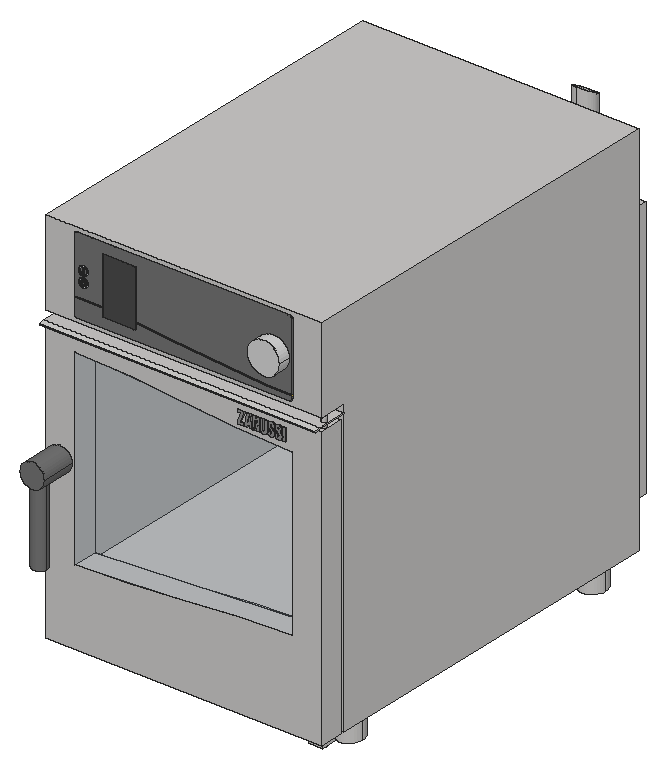
Revit family "QF_ZANUSSI_240010_ZCD061WD", category Specialty Equipment, Revit 2023
Family settings
  Round Connector Dimension = Use Diameter
  Part Type = Normal
  Work Plane-Based = No
  Enable Cutting in Views = No
  Always vertical = Yes
  Cut with Voids When Loaded = No
  Maintain Annotation Orientation = No
  Shared = Yes
  Room Calculation Point = No
Parameters (values of type "268252_ELECTR. COMBI OVEN 10 GN1/1 B LW-400V MAR")
  Weight = 85.00 lbm
  Watts = 0 W
  Volts = 400 V
  URL Manufacturer = "http://www.zanussiprofessional.com"
  URL = "http://www.zanussiprofessional.com"
  Steam Supply Size = 0"
  Steam Supply Minimum Pressure = 0.00 psi
  Steam Supply Maximum Pressure = 0.00 psi
  Steam Pounds per Hour = 0
  Show Logo [instance] = yes
  Refrigeration Suction Line Size = 0"
  Refrigeration Liquid Line Size = 0"
  Refrigerant Compressor Remote = yes
  Phase = 3
  Model = "ZCD061WR"
  Manufacturer = "Zanussi"
  Length Actual = 519.00 mm
  Item Number = "240010"
  Hot Water Size = 3/4"
  Height Actual = 770.00 mm
  HP = "9.3 HP"
  Gas Size = 0"
  Gas KW = 0
  Gas Input Pressure = 0.0 Btu/h
  Direct Waste Size = 1.5748"
  Description = "COMPACT 6GN1/1 EL. DIGITAL OVEN - W CLEANING - RIGHT HINGED DOOR"
  Show Clearance [instance] = yes
  Depth Actual = 803.00 mm
  Default Elevation = 0.00 mm
  Cycle = 50 Hz
  Condensate Return Size = 0"
  Compressed Air Volume = 0 GPM
  Compressed Air Size = 0"
  Compressed Air Pressure = 0.00 psi
  Cold Water Size = 3/4"
  Assembly Code = ""
  Accessory = no
Reference planes
  plane 1 "BACK": y = -93.694
  plane 2: z = 0
  plane 3 "LEFT": x = 197.931
  plane 4 "RIGHT": x = 717.531
  plane 5 "FRONT": y = -896.694
  plane 6 "TOP": z = 1670
  plane 7: z = 900
  plane 8: x = 457.731
  plane 9: y = -495.194
  plane 10: x = 247.731
  plane 11: x = 667.731
  plane 12: y = -195.694
  plane 13: y = -768.694
  plane 14: z = 997.5
Forms (mm)
  Extrusion 1, solid, material "QF_Finishes_Stainless Steel"
    sketch origin (992.981, 325.437, 900) x (-1, 0, 0) y (0, 0, -1)
      loop
        line (795.05, -609.932) -> (795.05, -56) -> (275.45, -56) -> (275.45, -609.932) -> (795.05, -609.932)
    from 474.534 to 1169.9
  Extrusion 2, solid, material "QF_Finishes_Stainless Steel"
    sketch origin (992.981, 325.437, 1000) x (-1, 0, 0) y (0, 0, -1)
      loop
        line (795.05, -670) -> (795.05, -510) -> (275.45, -510) -> (275.45, -670) -> (795.05, -670)
    from 474.534 to 1222.131
  Extrusion 3, solid, material "QF_Finishes_Stainless Steel"
    sketch origin (992.981, 385.437, 900) x (-1, 0, 0) y (0, 0, -1)
      loop
        line (763.47, -610) -> (763.47, -117) -> (307.03, -117) -> (307.03, -610) -> (763.47, -610)
    from 479.131 to 534.534
  Extrusion 4, void
    sketch origin (992.981, -844.463, 900) x (1, 0, 0) y (0, 0, -1)
      loop
        line (-755.05, -176.885) -> (-755.05, -577.763) -> (-315.45, -577.763) -> (-315.45, -176.885) -> (-755.05, -176.885)
    from 0 to 630
  Extrusion 5, solid, material "QF_Finishes_Stainless Steel"
    sketch origin (992.981, -149.096, 900) x (1, 0, 0) y (0, 0, -1)
      loop
        circle (-755.05, -649) r 14.886
    from 0 to 29
  Revolve 6, solid, material "QF_Finishes_Stainless Steel"
    sketch origin (593.311, -76.243, 1219.2) x (0, 1, 0) y (0, 0, 1)
      loop
        line (-64.458, 299.515) -> (-69.467, 299.515) -> (-69.467, 296.517) -> (-65.763, 296.517) -> (-69.294, 290.8) -> (-44.475, 290.8) -> (-44.475, 299.515) -> (-61.458, 299.515) -> (-61.458, 472.713) -> (-64.458, 472.713) -> (-64.458, 299.515)
      axis (-44.475, 290.8) -> (-44.475, 472.713)
    angle from 0 to 360
  Extrusion 7, void
    sketch origin (593.311, -76.243, 1219.2) x (0, -1, 0) y (0, 0, 1)
      loop
        line (64.458, 472.713) -> (24.492, 472.713) -> (24.492, 449.608) -> (64.458, 472.713)
    from -26.679 to 26.627
  Extrusion 8, solid, material "QF_Finishes_Stainless Steel"
    sketch origin (992.981, -149.096, 900) x (1, 0, 0) y (0, 0, -1)
      loop
        line (-298.761, -696.707) -> (-298.761, -620.937) -> (-503.318, -620.937) -> (-503.318, -696.707) -> (-298.761, -696.707)
    from 0 to 12.487
  Extrusion 9, solid, material "QF_Finishes_Stainless Steel"
    sketch origin (229.511, 385.437, 1017) x (0, -1, 0) y (-1, 0, 0)
      loop
        circle (500.131, -268.42) r 15
    from 0 to 19.537
  Extrusion 10, solid, material "QF_Finishes_Stainless Steel"
    sketch origin (-77.519, 285.437, 900) x (1, 0, 0) y (0, 0, 1)
      loop
        line (795.05, 585) -> (275.45, 585) -> (275.45, 56) -> (795.05, 56) -> (795.05, 585)
      loop
        line (740.697, 221.885) -> (740.697, 532.84)
        spline (740.697, 532.84) -> (706.434, 533.352) -> (672.172, 534.72) -> (637.91, 536.775) -> (603.649, 539.343) -> (569.387, 542.254) -> (535.127, 545.336) -> (500.866, 548.418) -> (466.604, 551.329) -> (432.343, 553.897) -> (398.081, 555.951) -> (363.819, 557.32) -> (329.556, 557.832)
        line (329.556, 557.832) -> (329.556, 196.893)
        spline (329.556, 196.893) -> (363.819, 197.405) -> (398.081, 198.774) -> (432.343, 200.828) -> (466.604, 203.396) -> (500.866, 206.307) -> (535.127, 209.389) -> (569.387, 212.471) -> (603.649, 215.382) -> (637.91, 217.95) -> (672.172, 220.004) -> (706.434, 221.373) -> (740.697, 221.885)
    from 1135.685 to 1182.131
  Extrusion 11, solid, material "QF_Finishes_Stainless Steel"
    sketch origin (717.531, 0, 0) x (0, 1, 0) y (0, 0, -1)
      loop
        line (-844.463, -1493.212) -> (-901.466, -1493.212) -> (-910.849, -1489.825) -> (-911.508, -1491.664) -> (-901.849, -1495.222) -> (-844.463, -1495.222) -> (-844.463, -1493.212)
    from 0 to 519.16
  Extrusion 12, solid, material "QF_Finishes_Glass"
    sketch origin (-105.148, 285.437, 947.855) x (1, 0, 0) y (0, 0, 1)
      loop
        line (768.326, 174.03) -> (768.326, 484.984)
        spline (768.326, 484.984) -> (734.063, 485.496) -> (699.801, 486.865) -> (665.539, 488.919) -> (631.278, 491.487) -> (597.017, 494.398) -> (562.756, 497.48) -> (528.495, 500.563) -> (494.234, 503.474) -> (459.972, 506.042) -> (425.711, 508.096) -> (391.448, 509.465) -> (357.185, 509.977)
        line (357.185, 509.977) -> (357.185, 149.038)
        spline (357.185, 149.038) -> (391.448, 149.55) -> (425.711, 150.918) -> (459.972, 152.972) -> (494.234, 155.541) -> (528.495, 158.451) -> (562.756, 161.534) -> (597.017, 164.616) -> (631.278, 167.527) -> (665.539, 170.095) -> (699.801, 172.149) -> (734.063, 173.518) -> (768.326, 174.03)
    from 1135.685 to 1182.131
  Extrusion 13, solid, material "QF_Door-Drawer Clearances", visible <- "Show Clearance", detail levels coarse
    sketch origin (915.462, 0, 0) x (-1, 0, 0) y (0, -1, 0)
      loop
        arc (717.531, 896.694) -> (542.616, 1219.99) -> (197.931, 1347.694) r 521.696
        line (197.931, 1347.694) -> (197.931, 896.694) -> (717.531, 896.694)
    from 956 to 1485
  Extrusion 14, solid, material "QF_Finishes_Rubber Black"
    sketch origin (-77.519, -896.694, 900) x (1, 0, 0) y (0, 0, 1)
      loop
        circle (301.755, 366.761) r 22.998
    from 0 to 65
  Extrusion 15, solid, material "QF_Finishes_Rubber Black"
    sketch origin (915.462, 0, 0) x (-1, 0, 0) y (0, -1, 0)
      loop
        circle (691.226, 944.148) r 14
    from 1105.756 to 1264.985
  Extrusion 16, solid, material "QF_Finishes_Stainless Steel"
    sketch origin (717.311, 325.437, 956) x (0, 1, 0) y (1, 0, 0)
      loop
        line (-1113.369, -77.066) -> (-1113.369, -69.925)
        arc (-1113.369, -69.925) -> (-1122.131, -49.58) -> (-1113.369, -29.235) r 28
        line (-1113.369, -29.235) -> (-1113.369, -17.065) -> (-1172.348, -17.065) -> (-1188.327, -1.085) -> (-1218.346, -1.085) -> (-1218.346, -26.095) -> (-1167.374, -77.066) -> (-1113.369, -77.066)
      loop
        circle (-1206.361, -8.07) r 5
    from 3.018 to 7.039
  Extrusion 17, solid, material "QF_Finishes_Stainless Steel"
    sketch origin (717.311, 325.437, 952.982) x (0, 1, 0) y (-1, 0, 0)
      loop
        line (-1113.369, 17.065) -> (-1113.369, 29.235)
        arc (-1113.369, 29.235) -> (-1122.131, 49.58) -> (-1113.369, 69.925) r 28
        line (-1113.369, 69.925) -> (-1113.369, 77.066) -> (-1153.603, 77.066) -> (-1153.603, 17.065) -> (-1113.369, 17.065)
    from 0 to 3.018
  Extrusion 18, solid, material "QF_Finishes_Stainless Steel"
    sketch origin (717.311, 325.437, 948.961) x (-1, 0, 0) y (0, 1, 0)
      loop
        circle (8.07, -1206.361) r 5
    from 2.998 to -7.02
  Extrusion 19, solid, material "QF_Finishes_Stainless Steel"
    sketch origin (717.311, 325.437, 948.961) x (-1, 0, 0) y (0, 1, 0)
      loop
        circle (8.07, -1206.361) r 5
    from -536.039 to -554.057
  Extrusion 20, solid, material "QF_Finishes_Handrails and Railings"
    sketch origin (985.537, -896.694, 996.743) x (-1, 0, 0) y (0, 0, -1)
      loop
        circle (358.271, -592.209) r 30
    from 1 to 23.539
Cuts and joins
  Extrusion 4 cuts Extrusion 1
  Extrusion 4 cuts Extrusion 2
  Extrusion 4 cuts Extrusion 3
  Extrusion 7 cuts Revolve 6
  joined: Extrusion 1, Extrusion 2, Extrusion 3, Extrusion 5, Revolve 6, Extrusion 8, Extrusion 9
Lines and regions (mm)
  Split face 1
    outline origin (-77.519, -896.694, 900) x (1, 0, 0) y (0, 0, 1)
      loop
        spline (329.556, 557.832) -> (363.819, 557.32) -> (398.081, 555.951) -> (432.343, 553.897) -> (466.604, 551.329) -> (500.866, 548.418) -> (535.127, 545.336) -> (569.387, 542.254) -> (603.649, 539.343) -> (637.91, 536.775) -> (672.172, 534.72) -> (706.434, 533.352) -> (740.697, 532.84)
        line (740.697, 532.84) -> (740.697, 577.832) -> (329.556, 577.832) -> (329.556, 557.832)
  Split face 2
    outline origin (-77.519, -896.694, 900) x (1, 0, 0) y (0, 0, 1)
      loop
        line (740.697, 201.885) -> (740.697, 221.885)
        spline (740.697, 221.885) -> (706.434, 221.373) -> (672.172, 220.004) -> (637.91, 217.95) -> (603.649, 215.382) -> (569.387, 212.471) -> (535.127, 209.389) -> (500.866, 206.307) -> (466.604, 203.396) -> (432.343, 200.828) -> (398.081, 198.774) -> (363.819, 197.405) -> (329.556, 196.893)
        line (329.556, 196.893) -> (329.556, 176.893)
        spline (329.556, 176.893) -> (363.819, 177.405) -> (398.081, 178.774) -> (432.343, 180.828) -> (466.604, 183.396) -> (500.866, 186.307) -> (535.127, 189.389) -> (569.387, 192.471) -> (603.649, 195.382) -> (637.91, 197.95) -> (672.172, 200.004) -> (706.434, 201.373) -> (740.697, 201.885)
  symbolic lines
    curve 1: line (197.931, -149.096, 0) -> (717.531, -149.096, 0)
    curve 2: line (197.931, -896.694, 0) -> (197.931, -149.096, 0)
    curve 3: line (717.531, -149.096, 0) -> (717.531, -896.694, 0)
    curve 4: line (223.045, -120.096, 0) -> (252.817, -120.096, 0)
    curve 5: line (223.045, -149.096, 0) -> (223.045, -120.096, 0)
    curve 6: line (252.817, -120.096, 0) -> (252.817, -149.096, 0)
    curve 7: line (229.511, -93.694, 0) -> (229.511, -120.096, 0)
    curve 8: line (229.511, -93.694, 0) -> (685.951, -93.694, 0)
    curve 9: line (685.951, -93.694, 0) -> (685.951, -136.609, 0)
    curve 10: line (694.22, -136.609, 0) -> (694.22, -149.096, 0)
    curve 11: line (694.22, -136.609, 0) -> (605.647, -136.609, 0)
    curve 12: line (581.195, -136.609, 0) -> (489.443, -136.609, 0)
    curve 13: line (489.443, -136.609, 0) -> (489.443, -149.096, 0)
    curve 14: arc (574.022, -136.609, 0) -> (593.311, -95.726, 0) -> (612.6, -136.609, 0) r 24.992
    curve 15: circle (593.311, -120.718, 0) r 19.983 normal (0, 0, -1)
    curve 16: circle (593.311, -120.718, 0) r 16.983 normal (0, 0, -1)
    curve 17: line (197.931, -896.694, 0) -> (717.531, -896.694, 0)
    curve 21: line (247.235, -961.694, 0) -> (201.238, -961.694, 0)
    curve 22: line (247.235, -896.694, 0) -> (247.235, -961.694, 0)
    curve 23: line (201.238, -961.694, 0) -> (201.238, -896.694, 0)
    curve 25: line (597.266, -920.232, 0) -> (657.266, -920.232, 0)
    curve 26: line (597.266, -896.694, 0) -> (597.266, -920.232, 0)
    curve 27: line (657.266, -920.232, 0) -> (657.266, -896.694, 0)
  symbolic lines, style "QF_Door Swings", visible <- "Show Clearance", detail levels coarse
    curve 18: line (717.531, -896.694, 0) -> (717.531, -1347.694, 0)
    curve 19: arc (717.531, -1347.694, 0) -> (398.732, -1240.915, 0) -> (211.461, -961.694, 0) r 521.192
    curve 20: line (682.531, -896.694, 0) -> (682.531, -1346.7, 0)
  symbolic lines, style "QF_Door Swings"
    curve 24: arc (201.238, -917.797, 0) -> (199.477, -907.262, 0) -> (197.931, -896.694, 0) r 521.628
Dimensions and locks
  plane 3 "LEFT" to plane 4 "RIGHT" = 519.60 mm
  plane 5 "FRONT" to plane 1 "BACK" = 803.00 mm
  plane 4 "RIGHT" to plane 3 "LEFT" = 519.60 mm
  equal spacing: plane 3 "LEFT", plane 8, plane 4 "RIGHT"
  equal spacing: plane 5 "FRONT", plane 9, plane 1 "BACK"
  locked: plane 10 to plane 3 "LEFT" at 49.8
  locked: plane 4 "RIGHT" to plane 11 at 49.8
  plane 1 "BACK" to plane 12 to plane 13 = 102.00 mm locked, 573.00 mm locked
  Extrusion 5 sketch curve to plane 3 "LEFT" = 40.00 mm
  Extrusion 5 sketch curve to plane 7 = 649.00 mm
  plane 3 "LEFT" to Extrusion 9 sketch curve = 300.00 mm
  Extrusion 9 sketch curve to plane 1 "BACK" = 21.00 mm
  aligned and locked: level to plane 2
  aligned and locked: Extrusion 1 to plane 3 "LEFT"
  aligned and locked: plane 4 "RIGHT" to Extrusion 1
  aligned and locked: plane 10 to nested 2
  aligned and locked: plane 11 to nested 1
  aligned and locked: plane 12 to nested 2
  aligned and locked: plane 12 to nested 1
  aligned and locked: plane 7 to nested 2  (x3)
  aligned and locked: plane 7 to nested 1  (x2)
Automatic sketch dimensions
  Extrusion 3 sketch curve to plane 11 = 18.22 mm
  plane 10 to Extrusion 3 sketch curve = 18.22 mm
  Extrusion 3 sketch curve to plane 14 = 19.50 mm
  plane 6 "TOP" to Extrusion 3 sketch curve = 160.00 mm
  Revolve 6 sketch curve to plane 12 = 49.984 mm
  Revolve 6 sketch curve to Revolve 6 sketch curve = 0.173 mm
  Revolve 6 sketch curve to Revolve 6 sketch curve = 3.704 mm
  plane 6 "TOP" to Revolve 6 sketch curve = 21.913 mm
  plane 1 "BACK" to Revolve 6 sketch curve = 47.007 mm
  Revolve 6 sketch curve to Revolve 6 sketch curve = 3.00 mm
  Revolve 6 sketch curve to Revolve 6 sketch curve = 16.983 mm
  Revolve 6 sketch curve to plane 6 "TOP" = 151.285 mm
  Revolve 6 sketch curve to Revolve 6 sketch curve = 0.00 mm  (x3)
  Revolve 6 sketch curve to Revolve 6 sketch curve = 2.998 mm
  Revolve 6 sketch curve to Revolve 6 sketch curve = 8.715 mm
  Revolve 6 sketch curve to Revolve 6 sketch curve = 25.00 mm
  Extrusion 7 sketch curve to plane 6 "TOP" = 1.192 mm
  plane 1 "BACK" to Extrusion 7 sketch curve = 7.041 mm
  Extrusion 7 sketch curve to Extrusion 7 sketch curve = 39.966 mm
  plane 6 "TOP" to Extrusion 7 sketch curve = 21.913 mm
  plane 5 "FRONT" to Extrusion 11 sketch curve = 14.815 mm
  Extrusion 11 sketch curve to Extrusion 11 sketch curve = 0.659 mm
  plane 5 "FRONT" to Extrusion 11 sketch curve = 5.155 mm
  Extrusion 11 sketch curve to Extrusion 11 sketch curve = 0.383 mm
  Extrusion 11 sketch curve to plane 5 "FRONT" = 52.231 mm
  Extrusion 11 sketch curve to plane 6 "TOP" = 174.778 mm
  Extrusion 11 sketch curve to Extrusion 11 sketch curve = 2.011 mm
  Extrusion 11 sketch curve to Extrusion 11 sketch curve = 1.548 mm
  Extrusion 11 sketch curve to Extrusion 11 sketch curve = 1.838 mm
  plane 10 to Extrusion 12 sketch curve = 4.306 mm
  Extrusion 12 sketch curve to plane 11 = 4.553 mm
  plane 14 to Extrusion 12 sketch curve = 99.393 mm
  plane 14 to Extrusion 12 sketch curve = 124.385 mm
  Extrusion 12 sketch curve to plane 6 "TOP" = 237.16 mm
  Extrusion 12 sketch curve to plane 6 "TOP" = 212.168 mm
  Extrusion 14 sketch curve to plane 10 = 23.495 mm
  plane 14 to Extrusion 14 sketch curve = 269.261 mm
  Extrusion 15 sketch curve to plane 10 = 23.495 mm
  plane 5 "FRONT" to Extrusion 15 sketch curve = 47.454 mm
  Extrusion 20 sketch curve to plane 11 = 40.465 mm
  Extrusion 20 sketch curve to plane 6 "TOP" = 81.048 mm
  curve 14 to curve 15 = 0.00 mm  (x2)
  curve 14 to curve 16 = 0.00 mm  (x2)
  curve 15 to curve 16 = 0.00 mm  (x2)
  curve 19 to curve 24 = 0.00 mm  (x2)
  curve 24 to plane 3 "LEFT" = 0.00 mm
  plane 5 "FRONT" to curve 23 = 0.00 mm
  plane 1 "BACK" to curve 8 = 0.00 mm
  curve 19 to plane 4 "RIGHT" = 0.00 mm
  plane 3 "LEFT" to curve 21 = 3.307 mm
  curve 4 to plane 10 = 24.686 mm
  curve 8 to plane 10 = 18.22 mm
  curve 21 to plane 10 = 0.496 mm
  plane 10 to curve 6 = 5.086 mm
  plane 8 to curve 12 = 31.712 mm
  plane 1 "BACK" to curve 16 = 27.024 mm
  curve 16 to plane 11 = 74.42 mm
  plane 5 "FRONT" to curve 25 = 23.539 mm
  curve 25 to plane 11 = 70.465 mm
  curve 25 to plane 11 = 10.465 mm
  plane 11 to curve 9 = 18.22 mm
  curve 9 to curve 10 = 8.269 mm
  curve 19 to plane 4 "RIGHT" = 2.716 mm
  curve 21 to curve 22 = 65.00 mm
  curve 18 to curve 25 = 427.461 mm
  plane 13 to curve 19 = 57.816 mm
  curve 1 to plane 12 = 46.598 mm
  curve 10 to curve 10 = 12.487 mm
  curve 13 to curve 13 = 12.487 mm
  plane 1 "BACK" to curve 4 = 26.402 mm
  curve 14 to curve 14 = 19.289 mm
  curve 14 to curve 12 = 7.173 mm
  curve 11 to curve 14 = 6.953 mm
  plane 11 to curve 20 = 14.80 mm
  Extrusion 1 sketch curve to plane 4 "RIGHT" = 0.00 mm
  Extrusion 1 sketch curve to plane 3 "LEFT" = 0.00 mm
  plane 14 to Extrusion 1 sketch curve = 41.50 mm
  plane 6 "TOP" to Extrusion 1 sketch curve = 160.068 mm
  Extrusion 2 sketch curve to plane 4 "RIGHT" = 0.00 mm
  Extrusion 2 sketch curve to plane 3 "LEFT" = 0.00 mm
  Extrusion 2 sketch curve to plane 6 "TOP" = 0.00 mm
  plane 6 "TOP" to Extrusion 2 sketch curve = 160.00 mm
  Extrusion 4 sketch curve to Extrusion 1 = 40.00 mm  (x2)
  Extrusion 4 sketch curve to Extrusion 1 = 120.885 mm
  Extrusion 4 sketch curve to Extrusion 1 = 32.168 mm
  Extrusion 8 sketch curve to Extrusion 1 = 86.775 mm
  Extrusion 1 to Extrusion 8 sketch curve = 227.868 mm
  Extrusion 8 sketch curve to Extrusion 1 = 11.006 mm
  Extrusion 1 to Extrusion 8 sketch curve = 23.311 mm
  Extrusion 10 sketch curve to plane 3 "LEFT" = 0.00 mm
  Extrusion 10 sketch curve to plane 4 "RIGHT" = 0.00 mm
  plane 10 to Extrusion 10 sketch curve = 4.306 mm
  Extrusion 10 sketch curve to plane 11 = 4.553 mm
  Extrusion 10 sketch curve to plane 14 = 41.50 mm
  plane 14 to Extrusion 10 sketch curve = 99.393 mm
  plane 14 to Extrusion 10 sketch curve = 124.385 mm
  Extrusion 10 sketch curve to plane 6 "TOP" = 237.16 mm
  Extrusion 10 sketch curve to plane 6 "TOP" = 212.168 mm
  Extrusion 10 sketch curve to Extrusion 10 sketch curve = 52.16 mm
  Extrusion 13 sketch curve to plane 4 "RIGHT" = 0.00 mm
  Extrusion 13 sketch curve to plane 3 "LEFT" = 0.00 mm
  plane 5 "FRONT" to Extrusion 13 sketch curve = 0.00 mm
  plane 4 "RIGHT" to Extrusion 13 sketch curve = 2.716 mm
  Extrusion 13 sketch curve to plane 5 "FRONT" = 451.00 mm
  Split face 1 sketch curve to Extrusion 10 = 0.00 mm  (x2)
  Split face 1 sketch curve to Extrusion 10 = 52.16 mm
  Split face 1 sketch curve to Extrusion 10 = 27.168 mm
  Split face 1 sketch curve to Extrusion 10 = 7.168 mm
  Extrusion 10 to Split face 2 sketch curve = 0.00 mm  (x2)
  Split face 2 sketch curve to Extrusion 10 = 120.893 mm
  Split face 2 sketch curve to Split face 2 sketch curve = 20.00 mm  (x2)
  Split face 2 sketch curve to Extrusion 10 = 145.885 mm
  Extrusion 16 sketch curve to plane 11 = 0.00 mm
  plane 13 to Extrusion 16 sketch curve = 0.00 mm
  plane 13 to Extrusion 16 sketch curve = 19.238 mm  (x2)
  Extrusion 16 sketch curve to Extrusion 16 sketch curve = 54.005 mm
  Extrusion 16 sketch curve to plane 4 "RIGHT" = 17.285 mm
  Extrusion 16 sketch curve to plane 5 "FRONT" = 49.783 mm
  Extrusion 16 sketch curve to plane 4 "RIGHT" = 1.305 mm
  Extrusion 16 sketch curve to Extrusion 16 sketch curve = 15.979 mm
  Extrusion 16 sketch curve to plane 5 "FRONT" = 15.77 mm
  Extrusion 16 sketch curve to plane 5 "FRONT" = 3.785 mm
  Extrusion 16 sketch curve to plane 4 "RIGHT" = 8.29 mm
  Extrusion 16 sketch curve to Extrusion 16 sketch curve = 18.025 mm
  Extrusion 16 sketch curve to Extrusion 16 sketch curve = 12.171 mm
  Extrusion 16 sketch curve to Extrusion 16 sketch curve = 7.142 mm
  Extrusion 17 sketch curve to Extrusion 16 = 0.00 mm  (x4)
  Extrusion 17 sketch curve to Extrusion 16 = 40.234 mm
  radius of Extrusion 14 sketch curve = 22.998 mm
  radius of Extrusion 15 sketch curve = 14.00 mm
  radius of Extrusion 20 sketch curve = 30.00 mm
  radius of curve 16 = 16.983 mm
  radius of Extrusion 5 sketch curve = 14.886 mm
  radius of Extrusion 9 sketch curve = 15.00 mm
  radius of Extrusion 16 sketch curve = 5.00 mm
  radius of Extrusion 17 sketch curve to Extrusion 16 = 0.00 mm
  radius of Extrusion 18 sketch curve to Extrusion 16 = 0.00 mm
  radius of Extrusion 19 sketch curve to Extrusion 16 = 0.00 mm
Nested families
  nested 1: "Foot_Ø50" at (667.731, -195.694, 900), type "Foot_Ø50"
    with H 56.00 mm
  nested 2: "Foot_Ø50" at (247.731, -195.694, 900), type "Foot_Ø50"
    with H 56.00 mm
  nested 3: "ZAN_Logo_S_Grey" at (605.466, -896.694, 1457.422) x (1, 0, 0) z (0, -1, 0), visible <- "Show Logo", type "ZAN_Logo_S_Grey"
  nested 4: "MULTISLIM_PANEL_ZAN" at (376.201, -896.694, 1871.515) x (1, 0, 0) z (0, -1, 0), type "MULTISLIM_PANEL_ZAN"
    with Show Clearance yes
  nested 5: "Foot_Ø50" at (667.731, -768.694, 900) x (-1, 0, 0) z (0, 0, 1), type "Foot_Ø50"
    with H 56.00 mm
  nested 6: "Foot_Ø50" at (247.731, -768.694, 900) x (-1, 0, 0) z (0, 0, 1), type "Foot_Ø50"
    with H 56.00 mm
Connectors
  electrical at (237.931, -120.096, 1549), driven by "Volts"
    settings: on cut or joined group 1 (Extrusion 1, Extrusion 2, Extrusion 3, Extrusion 4, Extrusion 5, Revolve 6, Extrusion 7, Extrusion 8, Extrusion 9), index 1, voltage 400 V, apparent load 0 VA, apparent load phase1 0 VA, apparent load phase2 0 VA, apparent load phase3 0 VA, power factor 1, load classification "Altro", number of poles 1, system type 30, power factor state 1, is connector primary yes, connector utility no, sub classification motor no, connector description "Electrical Connection"
  piping at (497.931, -114.694, 997.463), diameter 30
    settings: on cut or joined group 1, index 2, connector inside diameter 24", connector length 0.00 mm, flow factor 0, pipe flow 0 GPM, pressure drop 0.00 psi, fitting loss kfactor 0, connector angle 0.00°, fixture units 0, engagement length 0.00 mm, angle of deflection 0.00°, flow configuration 1, flow direction 1, fitting loss method 0, system type 20, joint type 0, gender type 0, connector reference index -1, connector utility 0, adjustable connector no, is connector primary yes, connector description "Cold Water Inlet"
Definition of nested family "Foot_Ø50"
  Parameters
    H [instance] = 50.00 mm
    Default Elevation = 0.00 mm
  Reference planes
    plane 1 "Centro (Fronte/Retro)": y = 0
    plane 2: z = 0
    plane 3 "Centro (Sinistra/Destra)": x = 0
    plane 4: z = 50
  Forms (mm)
    Revolve 1, solid
      sketch origin (255.05, 0, 608.09) x (0, 0, 1) y (-1, 0, 0)
        loop
          line (-608.09, 255.05) -> (-608.09, 230.05) -> (-558.09, 230.05) -> (-558.09, 255.05) -> (-608.09, 255.05)
        axis (-608.09, 255.05) -> (-558.09, 255.05)
      angle from 0 to 360
  Dimensions and locks
    "H": plane 4 to plane 2
    aligned and locked: level to plane 2
    aligned and locked: plane 4 to Revolve 1 sketch curve
    aligned and locked: Revolve 1 sketch curve to level
    aligned and locked: plane 3 "Centro (Sinistra/Destra)" to Revolve 1 sketch curve
  Automatic sketch dimensions
    Revolve 1 sketch curve to plane 3 "Centro (Sinistra/Destra)" = 0.00 mm
    plane 4 to Revolve 1 sketch curve = 50.00 mm
    Revolve 1 sketch curve to Revolve 1 sketch curve = 20.00 mm
    plane 3 "Centro (Sinistra/Destra)" to Revolve 1 sketch curve = 25.00 mm
Definition of nested family "ZAN_Logo_S_Grey"
  Parameters
    Default Elevation = 0.00 mm
  Reference planes
    plane 1 "Centro (Fronte/Retro)": y = 0
    plane 2: z = 0
    plane 3 "Centro (Sinistra/Destra)": x = 0
  Forms (mm)
    Extrusion 1, solid
      sketch origin (0, 0, 0) x (1, 0, 0) y (0, 1, 0)
        loop
          line (-1219.2, 1219.2) -> (-1219.2, -1219.2) -> (1219.2, -1219.2) -> (1219.2, 1219.2) -> (-1219.2, 1219.2)
      from 0 to -304.8
    Extrusion 2, solid
      sketch origin (17.793, -46.218, 0) x (-1, 0, 0) y (0, -1, 0)
        loop
          spline (-4.176, -58.079) -> (-3.496, -58.328) -> (-2.793, -58.512) -> (-2.075, -58.63) -> (-1.348, -58.682) -> (-0.619, -58.669) -> (0.106, -58.588) -> (0.818, -58.44) -> (1.512, -58.225) -> (2.18, -57.941) -> (2.817, -57.589) -> (3.414, -57.167) -> (3.966, -56.676)
          spline (3.966, -56.676) -> (4.293, -56.162) -> (4.575, -55.61) -> (4.81, -55.026) -> (5, -54.419) -> (5.146, -53.797) -> (5.247, -53.166) -> (5.304, -52.536) -> (5.318, -51.913) -> (5.288, -51.306) -> (5.217, -50.723) -> (5.103, -50.17) -> (4.949, -49.657)
          line (4.949, -49.657) -> (2.702, -46.428) -> (0.316, -44.323)
          spline (0.316, -44.323) -> (0.065, -44.115) -> (-0.195, -43.909) -> (-0.46, -43.704) -> (-0.729, -43.496) -> (-0.997, -43.282) -> (-1.263, -43.059) -> (-1.523, -42.825) -> (-1.774, -42.576) -> (-2.013, -42.309) -> (-2.238, -42.022) -> (-2.445, -41.712) -> (-2.632, -41.375)
          spline (-2.632, -41.375) -> (-2.666, -41.159) -> (-2.697, -40.934) -> (-2.722, -40.701) -> (-2.736, -40.465) -> (-2.736, -40.227) -> (-2.72, -39.989) -> (-2.682, -39.754) -> (-2.621, -39.524) -> (-2.533, -39.302) -> (-2.414, -39.091) -> (-2.261, -38.892) -> (-2.07, -38.708)
          line (-2.07, -38.708) -> (-0.245, -38.567)
          spline (-0.245, -38.567) -> (0.096, -38.8) -> (0.354, -39.074) -> (0.54, -39.381) -> (0.664, -39.716) -> (0.738, -40.073) -> (0.772, -40.445) -> (0.777, -40.825) -> (0.763, -41.208) -> (0.742, -41.588) -> (0.723, -41.957) -> (0.718, -42.309) -> (0.737, -42.638)
          line (0.737, -42.638) -> (5.65, -42.638)
          spline (5.65, -42.638) -> (5.708, -42.042) -> (5.741, -41.448) -> (5.747, -40.857) -> (5.723, -40.273) -> (5.668, -39.696) -> (5.58, -39.129) -> (5.457, -38.574) -> (5.297, -38.032) -> (5.098, -37.506) -> (4.857, -36.997) -> (4.574, -36.508) -> (4.247, -36.041)
          spline (4.247, -36.041) -> (3.844, -35.675) -> (3.409, -35.35) -> (2.946, -35.065) -> (2.458, -34.819) -> (1.949, -34.612) -> (1.421, -34.444) -> (0.88, -34.314) -> (0.326, -34.221) -> (-0.234, -34.165) -> (-0.8, -34.146) -> (-1.366, -34.163) -> (-1.93, -34.216)
          spline (-1.93, -34.216) -> (-2.526, -34.309) -> (-3.116, -34.448) -> (-3.695, -34.633) -> (-4.259, -34.861) -> (-4.801, -35.131) -> (-5.316, -35.444) -> (-5.799, -35.798) -> (-6.245, -36.191) -> (-6.648, -36.624) -> (-7.002, -37.095) -> (-7.303, -37.603) -> (-7.545, -38.146)
          spline (-7.545, -38.146) -> (-7.694, -38.815) -> (-7.792, -39.487) -> (-7.839, -40.158) -> (-7.836, -40.824) -> (-7.785, -41.482) -> (-7.685, -42.129) -> (-7.539, -42.762) -> (-7.347, -43.377) -> (-7.111, -43.97) -> (-6.83, -44.538) -> (-6.506, -45.078) -> (-6.141, -45.586)
          line (-6.141, -45.586) -> (-0.526, -50.64) -> (0.176, -51.482)
          spline (0.176, -51.482) -> (0.248, -51.66) -> (0.323, -51.843) -> (0.397, -52.03) -> (0.467, -52.22) -> (0.529, -52.412) -> (0.579, -52.605) -> (0.615, -52.798) -> (0.633, -52.989) -> (0.63, -53.179) -> (0.601, -53.366) -> (0.545, -53.55) -> (0.456, -53.728)
          spline (0.456, -53.728) -> (0.375, -53.892) -> (0.273, -54.034) -> (0.154, -54.155) -> (0.02, -54.258) -> (-0.126, -54.343) -> (-0.28, -54.412) -> (-0.441, -54.466) -> (-0.604, -54.508) -> (-0.767, -54.537) -> (-0.928, -54.556) -> (-1.082, -54.567) -> (-1.228, -54.57)
          line (-1.228, -54.57) -> (-2.632, -53.587) -> (-2.772, -50.64) -> (-7.405, -50.64)
          spline (-7.405, -50.64) -> (-7.41, -51.031) -> (-7.423, -51.432) -> (-7.44, -51.839) -> (-7.456, -52.251) -> (-7.469, -52.665) -> (-7.475, -53.079) -> (-7.468, -53.489) -> (-7.446, -53.894) -> (-7.404, -54.291) -> (-7.339, -54.679) -> (-7.247, -55.053) -> (-7.123, -55.412)
          spline (-7.123, -55.412) -> (-6.999, -55.693) -> (-6.837, -55.97) -> (-6.643, -56.244) -> (-6.422, -56.509) -> (-6.177, -56.765) -> (-5.913, -57.009) -> (-5.634, -57.238) -> (-5.346, -57.45) -> (-5.051, -57.643) -> (-4.755, -57.814) -> (-4.462, -57.96) -> (-4.176, -58.079)
        loop
          spline (-21.021, -55.552) -> (-20.633, -56.181) -> (-20.177, -56.736) -> (-19.661, -57.217) -> (-19.092, -57.627) -> (-18.478, -57.966) -> (-17.827, -58.237) -> (-17.147, -58.441) -> (-16.446, -58.578) -> (-15.73, -58.652) -> (-15.009, -58.662) -> (-14.29, -58.611) -> (-13.581, -58.5)
          spline (-13.581, -58.5) -> (-13.088, -58.407) -> (-12.595, -58.269) -> (-12.109, -58.088) -> (-11.636, -57.866) -> (-11.183, -57.605) -> (-10.756, -57.307) -> (-10.361, -56.974) -> (-10.004, -56.608) -> (-9.692, -56.211) -> (-9.431, -55.784) -> (-9.228, -55.33) -> (-9.089, -54.851)
          spline (-9.089, -54.851) -> (-8.873, -54.211) -> (-8.715, -53.559) -> (-8.615, -52.901) -> (-8.574, -52.241) -> (-8.592, -51.585) -> (-8.668, -50.938) -> (-8.802, -50.306) -> (-8.995, -49.693) -> (-9.247, -49.106) -> (-9.557, -48.55) -> (-9.925, -48.03) -> (-10.352, -47.551)
          line (-10.352, -47.551) -> (-15.546, -42.919) -> (-16.669, -41.234)
          spline (-16.669, -41.234) -> (-16.704, -41.021) -> (-16.735, -40.804) -> (-16.761, -40.583) -> (-16.778, -40.361) -> (-16.784, -40.139) -> (-16.774, -39.919) -> (-16.748, -39.701) -> (-16.7, -39.488) -> (-16.63, -39.28) -> (-16.533, -39.08) -> (-16.406, -38.889) -> (-16.248, -38.708)
          line (-16.248, -38.708) -> (-14.844, -38.427)
          spline (-14.844, -38.427) -> (-14.347, -38.545) -> (-13.969, -38.749) -> (-13.695, -39.028) -> (-13.508, -39.368) -> (-13.393, -39.757) -> (-13.335, -40.182) -> (-13.318, -40.63) -> (-13.326, -41.089) -> (-13.344, -41.546) -> (-13.356, -41.988) -> (-13.347, -42.403) -> (-13.3, -42.779)
          line (-13.3, -42.779) -> (-8.387, -42.638)
          spline (-8.387, -42.638) -> (-8.326, -42.034) -> (-8.288, -41.417) -> (-8.277, -40.794) -> (-8.299, -40.169) -> (-8.357, -39.548) -> (-8.457, -38.936) -> (-8.604, -38.339) -> (-8.803, -37.762) -> (-9.058, -37.21) -> (-9.375, -36.689) -> (-9.758, -36.204) -> (-10.212, -35.76)
          spline (-10.212, -35.76) -> (-10.793, -35.336) -> (-11.409, -34.976) -> (-12.054, -34.679) -> (-12.723, -34.445) -> (-13.409, -34.273) -> (-14.107, -34.163) -> (-14.811, -34.115) -> (-15.515, -34.127) -> (-16.213, -34.2) -> (-16.899, -34.333) -> (-17.568, -34.526) -> (-18.213, -34.777)
          spline (-18.213, -34.777) -> (-18.496, -34.897) -> (-18.783, -35.044) -> (-19.071, -35.216) -> (-19.357, -35.412) -> (-19.639, -35.629) -> (-19.915, -35.865) -> (-20.182, -36.119) -> (-20.438, -36.389) -> (-20.681, -36.672) -> (-20.907, -36.967) -> (-21.115, -37.272) -> (-21.301, -37.585)
          spline (-21.301, -37.585) -> (-21.55, -38.26) -> (-21.734, -38.948) -> (-21.854, -39.647) -> (-21.91, -40.351) -> (-21.901, -41.057) -> (-21.828, -41.761) -> (-21.69, -42.459) -> (-21.489, -43.148) -> (-21.222, -43.823) -> (-20.892, -44.48) -> (-20.497, -45.116) -> (-20.038, -45.726)
          line (-20.038, -45.726) -> (-14.142, -51.061) -> (-13.44, -52.886) -> (-14.002, -54.289) -> (-15.265, -54.57) -> (-16.669, -53.587) -> (-16.81, -50.78) -> (-21.582, -50.64)
          spline (-21.582, -50.64) -> (-21.558, -51.063) -> (-21.55, -51.491) -> (-21.554, -51.92) -> (-21.561, -52.35) -> (-21.567, -52.778) -> (-21.565, -53.201) -> (-21.547, -53.619) -> (-21.509, -54.029) -> (-21.444, -54.43) -> (-21.345, -54.818) -> (-21.206, -55.193) -> (-21.021, -55.552)
        loop
          line (-22.424, -34.216) -> (-27.337, -34.216) -> (-27.337, -58.22) -> (-22.424, -58.22) -> (-22.424, -34.216)
        loop
          line (14.213, -39.971) -> (14.213, -58.22) -> (19.126, -58.22) -> (19.126, -42.077) -> (18.845, -38.146) -> (18.424, -37.164) -> (17.442, -35.9) -> (16.459, -35.199) -> (14.494, -34.356) -> (13.511, -34.216) -> (11.265, -34.216) -> (10.142, -34.497) -> (8.458, -35.479) -> (6.493, -38.287) -> (6.352, -39.269) -> (6.352, -58.22) -> (11.265, -58.22) -> (11.265, -40.392) -> (11.827, -39.129) -> (13.371, -38.988) -> (14.213, -39.971)
        loop
          line (20.249, -58.22) -> (24.741, -58.22) -> (24.741, -42.919) -> (28.812, -58.22) -> (34.006, -58.22) -> (34.006, -34.216) -> (29.654, -34.216) -> (29.654, -50.078) -> (25.583, -34.216) -> (20.249, -34.216) -> (20.249, -58.22)
        loop
          line (50.149, -58.22) -> (62.361, -58.22) -> (62.361, -53.728) -> (55.904, -53.868) -> (62.923, -39.129) -> (62.923, -34.216) -> (50.149, -34.216) -> (50.149, -39.129) -> (57.517, -39.129) -> (50.149, -54.149) -> (50.149, -58.22)
        loop
          line (38.778, -58.22) -> (45.516, -58.22) -> (49.868, -34.216) -> (44.814, -34.216) -> (44.113, -38.848) -> (40.042, -38.848) -> (39.34, -34.216) -> (34.286, -34.216) -> (38.778, -58.22)
        loop
          line (43.551, -43.2) -> (40.744, -43.2) -> (42.147, -54.117) -> (43.551, -43.2)
      from 0 to 1.644
  Dimensions and locks
    aligned and locked: plane 2 to Extrusion 1
    aligned and locked: level to Extrusion 1
Definition of nested family "MULTISLIM_PANEL_ZAN"
  Parameters (values of type "MULTISLIM_PANEL_ZAN")
    Width = 410.00 mm
    Show Clearance [instance] = yes
    Model = "729047"
    Depth = 1.00 mm
    Height = 145.00 mm
    Default Elevation = 1219.20 mm
  Reference planes
    plane 1 "Center (Front/Back)": y = -281.515
    plane 2: z = 0
    plane 3 "Center (Left/Right)": x = 81.53
    plane 4: z = 0
    plane 5: z = 85
    plane 6: z = 249
    plane 7: z = 1056
    plane 8: z = 447
    plane 9: z = 215.443
    plane 10: x = 286.53
    plane 11: y = -354.015
    plane 12: x = -123.47
    plane 13: y = -209.015
    plane 14: x = -92.47
    plane 15: x = 255.53
    plane 16: z = -71.3
    plane 17: z = -41
    plane 18: z = -53
    plane 19: x = 260.53
    plane 20 "M1": x = 214.53
    plane 21 "M2": x = 49.53
    plane 22: y = -323.015
  Forms (mm)
    Extrusion 1, solid
      sketch origin (0, -919.2, 0) x (1, 0, 0) y (0, 1, 0)
        loop
          line (-298.47, 837.685) -> (-298.47, 389.916) -> (462.631, 389.916) -> (462.631, 837.685) -> (-298.47, 837.685)
      from 0 to -28.26
    Extrusion 2, solid
      sketch origin (0, 0, 0) x (1, 0, 0) y (0, 1, 0)
        loop
          arc (-118.47, -209.015) -> (-122.005, -210.48) -> (-123.47, -214.015) r 5
          line (-123.47, -214.015) -> (-123.47, -318.778) -> (-113.47, -318.778)
          arc (-113.47, -318.778) -> (-92.218, -318.917) -> (-70.97, -319.334) r 1624.122
          line (-70.97, -319.334) -> (-70.97, -229.015) -> (-7.97, -229.015) -> (-7.97, -322.208)
          arc (-7.97, -322.208) -> (24.191, -324.623) -> (56.297, -327.675) r 1624.122
          arc (56.297, -327.675) -> (145.763, -338.06) -> (235.763, -341.535) r 1170.719
          line (235.763, -341.535) -> (286.53, -342.422) -> (286.53, -214.015)
          arc (286.53, -214.015) -> (285.066, -210.48) -> (281.53, -209.015) r 5
          line (281.53, -209.015) -> (-118.47, -209.015)
        loop
          circle (251.065, -282.563) r 30
        loop
          circle (-106.762, -271.232) r 8.5
        loop
          circle (-106.762, -291.232) r 8.5
        loop
          circle (-106.762, -271.232) r 7
        loop
          circle (-106.762, -291.232) r 7
        loop
          circle (-106.762, -291.232) r 4.5
        loop
          circle (-106.762, -291.232) r 3
        loop
          line (-105.762, -275.192) -> (-105.762, -267.271) -> (-107.762, -267.271) -> (-107.762, -275.192) -> (-105.762, -275.192)
      from 0 to 1
    Extrusion 3, solid
      sketch origin (0, 0, 0) x (1, 0, 0) y (0, 1, 0)
        loop
          line (-70.97, -229.015) -> (-70.97, -336.015) -> (-7.97, -336.015) -> (-7.97, -229.015) -> (-70.97, -229.015)
      from 0 to 1
    Extrusion 4, solid
      sketch origin (0, 0, 0) x (1, 0, 0) y (0, 1, 0)
        loop
          circle (-106.762, -271.232) r 8.5
        loop
          circle (-106.762, -291.232) r 8.5
        loop
          circle (-106.762, -271.232) r 7
        loop
          circle (-106.762, -291.232) r 7
        loop
          circle (-106.762, -291.232) r 4.5
        loop
          circle (-106.762, -291.232) r 3
        loop
          line (-105.762, -275.192) -> (-105.762, -267.271) -> (-107.762, -267.271) -> (-107.762, -275.192) -> (-105.762, -275.192)
      from 0 to 1
    Extrusion 5, solid
      sketch origin (0, 0, 0) x (1, 0, 0) y (0, 1, 0)
        loop
          line (-123.47, -320.778) -> (-123.47, -349.015)
          arc (-123.47, -349.015) -> (-122.005, -352.551) -> (-118.47, -354.015) r 5
          line (-118.47, -354.015) -> (281.53, -354.015)
          arc (281.53, -354.015) -> (285.066, -352.551) -> (286.53, -349.015) r 5
          line (286.53, -349.015) -> (286.53, -344.422) -> (235.745, -343.535)
          arc (235.745, -343.535) -> (145.625, -340.055) -> (56.039, -329.659) r 1172.719
          arc (56.039, -329.659) -> (24.062, -326.619) -> (-7.97, -324.213) r 1622.122
          line (-7.97, -324.213) -> (-7.97, -336.334) -> (-70.97, -336.334) -> (-70.97, -321.335)
          arc (-70.97, -321.335) -> (-92.218, -320.917) -> (-113.47, -320.778) r 1622.122
          line (-113.47, -320.778) -> (-123.47, -320.778)
      from 0 to 1
    Extrusion 6, solid
      sketch origin (0, 0, 0) x (1, 0, 0) y (0, 1, 0)
        loop
          line (-123.47, -320.778) -> (-113.47, -320.778)
          arc (-113.47, -320.778) -> (-92.218, -320.917) -> (-70.97, -321.335) r 1622.122
          line (-70.97, -321.335) -> (-70.97, -319.334)
          arc (-70.97, -319.334) -> (-92.218, -318.917) -> (-113.47, -318.778) r 1624.122
          line (-113.47, -318.778) -> (-123.47, -318.778) -> (-123.47, -320.778)
        loop
          arc (-7.97, -324.213) -> (24.062, -326.619) -> (56.039, -329.659) r 1622.122
          arc (56.039, -329.659) -> (145.625, -340.055) -> (235.745, -343.535) r 1172.719
          line (235.745, -343.535) -> (286.53, -344.422) -> (286.53, -342.422) -> (235.763, -341.535)
          arc (235.763, -341.535) -> (145.763, -338.06) -> (56.297, -327.675) r 1170.719
          arc (56.297, -327.675) -> (24.191, -324.623) -> (-7.97, -322.208) r 1624.122
          line (-7.97, -322.208) -> (-7.97, -324.213)
      from 0 to 1
  Dimensions and locks
    plane 5 to plane 4 = 85.00 mm
    plane 6 to Extrusion 1 = 249.00 mm
    plane 7 to level = 1056.00 mm
    plane 8 to Extrusion 1 = 447.00 mm
    "Width": plane 12 to plane 10
    "Height": plane 13 to plane 11
    equal spacing: plane 13, plane 1 "Center (Front/Back)", plane 11
    equal spacing: plane 12, plane 3 "Center (Left/Right)", plane 10
    level to plane 16 = 71.30 mm
    level to plane 18 = 53.00 mm
    aligned and locked: plane 2 to Extrusion 1
    aligned and locked: level to Extrusion 1
  Automatic sketch dimensions
    Extrusion 1 sketch curve to Extrusion 1 sketch curve = 761.101 mm
    Extrusion 1 sketch curve to Extrusion 1 sketch curve = 447.768 mm
    Extrusion 2 sketch curve to Extrusion 2 sketch curve = 0.00 mm  (x16)
    Extrusion 2 sketch curve to plane 12 = 0.00 mm
    Extrusion 2 sketch curve to plane 13 = 0.00 mm
    Extrusion 2 sketch curve to plane 10 = 0.00 mm
    Extrusion 2 sketch curve to Extrusion 2 sketch curve = 5.00 mm
    plane 12 to Extrusion 2 sketch curve = 10.00 mm
    Extrusion 2 sketch curve to plane 1 "Center (Front/Back)" = 6.323 mm
    Extrusion 2 sketch curve to plane 14 = 15.292 mm
    Extrusion 2 sketch curve to plane 14 = 14.292 mm
    Extrusion 2 sketch curve to Extrusion 2 sketch curve = 1.00 mm
    Extrusion 2 sketch curve to Extrusion 2 sketch curve = 2.00 mm
    plane 14 to Extrusion 2 sketch curve = 21.50 mm
    Extrusion 2 sketch curve to plane 13 = 20.00 mm
    Extrusion 2 sketch curve to plane 21 "M2" = 57.50 mm
    Extrusion 2 sketch curve to plane 15 = 19.767 mm
    Extrusion 2 sketch curve to plane 15 = 19.621 mm
    Extrusion 2 sketch curve to plane 15 = 4.465 mm
    Extrusion 2 sketch curve to plane 10 = 5.00 mm
    plane 1 "Center (Front/Back)" to Extrusion 2 sketch curve = 1.048 mm
    plane 1 "Center (Front/Back)" to Extrusion 2 sketch curve = 9.716 mm
    Extrusion 2 sketch curve to plane 22 = 4.237 mm
    plane 1 "Center (Front/Back)" to Extrusion 2 sketch curve = 37.819 mm
    Extrusion 2 sketch curve to plane 22 = 0.807 mm
    plane 1 "Center (Front/Back)" to Extrusion 2 sketch curve = 60.02 mm
    plane 11 to Extrusion 2 sketch curve = 11.594 mm
    Extrusion 2 sketch curve to Extrusion 2 sketch curve = 3.96 mm  (x2)
    plane 13 to Extrusion 2 sketch curve = 1038.199 mm
    plane 14 to Extrusion 3 sketch curve = 21.50 mm
    plane 22 to Extrusion 3 sketch curve = 13.00 mm
    Extrusion 3 sketch curve to plane 21 "M2" = 57.50 mm
    Extrusion 3 sketch curve to plane 13 = 20.00 mm
    Extrusion 4 sketch curve to Extrusion 4 sketch curve = 0.00 mm  (x14)
    Extrusion 4 sketch curve to plane 1 "Center (Front/Back)" = 6.323 mm
    Extrusion 4 sketch curve to plane 14 = 15.292 mm
    Extrusion 4 sketch curve to plane 14 = 14.292 mm
    Extrusion 4 sketch curve to Extrusion 4 sketch curve = 1.00 mm
    Extrusion 4 sketch curve to Extrusion 4 sketch curve = 2.00 mm
    plane 1 "Center (Front/Back)" to Extrusion 4 sketch curve = 9.716 mm
    Extrusion 4 sketch curve to Extrusion 4 sketch curve = 3.96 mm  (x2)
    Extrusion 5 sketch curve to Extrusion 5 sketch curve = 0.00 mm  (x2)
    Extrusion 5 sketch curve to plane 12 = 0.00 mm
    Extrusion 5 sketch curve to plane 11 = 0.00 mm
    Extrusion 5 sketch curve to plane 10 = 0.00 mm
    plane 12 to Extrusion 5 sketch curve = 5.00 mm
    plane 12 to Extrusion 5 sketch curve = 10.00 mm
    Extrusion 5 sketch curve to plane 15 = 19.785 mm
    Extrusion 5 sketch curve to plane 15 = 19.621 mm
    Extrusion 5 sketch curve to plane 10 = 5.00 mm
    Extrusion 5 sketch curve to Extrusion 5 sketch curve = 4.593 mm
    plane 11 to Extrusion 5 sketch curve = 10.48 mm
    plane 13 to Extrusion 5 sketch curve = 1038.199 mm
    Extrusion 6 sketch curve to Extrusion 6 sketch curve = 0.00 mm  (x8)
    Extrusion 6 sketch curve to plane 12 = 0.00 mm
    Extrusion 6 sketch curve to plane 10 = 0.00 mm
    plane 12 to Extrusion 6 sketch curve = 10.00 mm
    Extrusion 6 sketch curve to plane 22 = 3.681 mm
    plane 14 to Extrusion 6 sketch curve = 21.50 mm
    plane 22 to Extrusion 6 sketch curve = 1.197 mm
    Extrusion 6 sketch curve to plane 21 "M2" = 57.50 mm
    plane 11 to Extrusion 6 sketch curve = 10.48 mm
    Extrusion 6 sketch curve to plane 15 = 19.785 mm
    Extrusion 6 sketch curve to Extrusion 6 sketch curve = 0.018 mm
    Extrusion 6 sketch curve to plane 15 = 19.621 mm
    Extrusion 6 sketch curve to plane 11 = 1588.885 mm
    Extrusion 6 sketch curve to Extrusion 6 sketch curve = 2.00 mm  (x2)
    Extrusion 6 sketch curve to Extrusion 6 sketch curve = 2.004 mm
    Extrusion 6 sketch curve to plane 22 = 1.68 mm
    plane 13 to Extrusion 6 sketch curve = 1038.199 mm
    plane 11 to Extrusion 6 sketch curve = 9.593 mm
    plane 14 to Extrusion 5 sketch curve = 21.50 mm
    Extrusion 5 sketch curve to plane 22 = 2.237 mm
    Extrusion 5 sketch curve to plane 22 = 1.68 mm
    plane 22 to Extrusion 5 sketch curve = 13.318 mm
    Extrusion 5 sketch curve to plane 21 "M2" = 57.50 mm
    plane 22 to Extrusion 5 sketch curve = 1.197 mm
    radius of Extrusion 2 sketch curve = 30.00 mm
    radius of Extrusion 2 sketch curve = 8.50 mm  (x2)
    radius of Extrusion 2 sketch curve = 7.00 mm  (x2)
    radius of Extrusion 2 sketch curve = 4.50 mm
    radius of Extrusion 2 sketch curve = 3.00 mm
    radius of Extrusion 4 sketch curve = 8.50 mm  (x2)
    radius of Extrusion 4 sketch curve = 7.00 mm  (x2)
    radius of Extrusion 4 sketch curve = 4.50 mm
    radius of Extrusion 4 sketch curve = 3.00 mm
